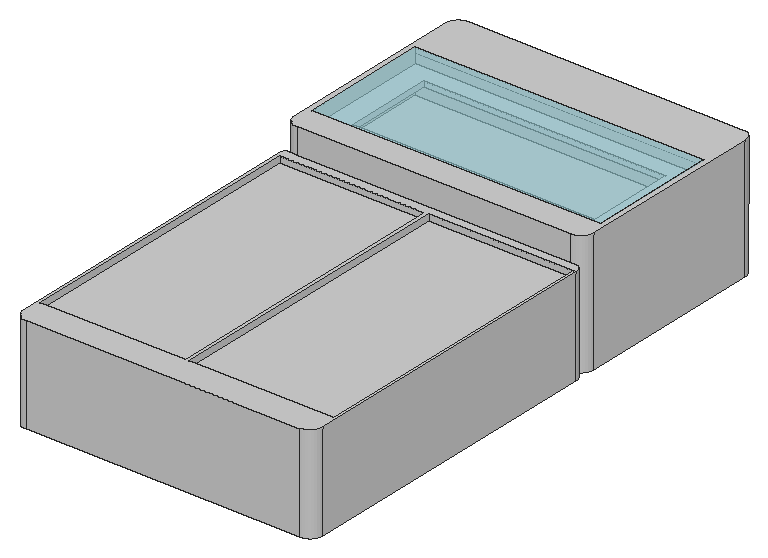
Revit family "Building-QuadriIEC309-GEWISS-68QDIN-QUADRI-PRESE-10MOD_2PRESE_IB_VERT", category Apparecchi elettrici, host Superficie, Revit 2019
Family settings
  Host = Superficie
  Mantenere orientamento annotazione = Sì
  Quota connettore circolare = Usa diametro
  Tipo di parte = Normale
  Taglio con vuoti quando caricato = No
  Condiviso = No
  Punto di calcolo locali = Sì
Parameters (values of type "GW68025N - Q-DIN 10M 2PR.BL.VR.16/32A IP65")
  visibilita posizionamento 2d [instance] = yes
  simbolo 2d [instance] = yes
  oggetto in pianta [instance] = not(visibilita posizionamento 2d)  # no
  distanza_simbolo [instance] = 0.1 mm
  dist_barra din = 18 mm
  bordo acceso [instance] = yes
  Visibilità sportello [instance] = yes
  Versione file RFA = "21.5"
  VETRO = Vetro
  URL = "https://www.gewiss.com/it/it"
  Tipologia di installazione = "Da parete"
  Tipo versione = "Vuoto"
  Termopressione con biglia = "70 °C"
  Temperatura di utilizzo = "-25 +40 °C"
  Temperatura di funzionamento = "-25 ÷ +40 °C"
  Spostamento_effettivo_S [instance] = 4000 mm - Spostamento_S  # 3000 mm
  Spostamento_S = 1000 mm
  Simbolo_quadro [instance] = not(simbolo 2d)  # no
  Scheda Tecnica = "https://www.gewiss.com/it/it/search?q=GW68025N"
  STRUTTURA ALTA = Poche
  STRUTTURA = RAL - 7035
  SEO = "Quadretto"
  Resistenza agli urti = "IK08"
  Default Elevation = 1219.2 mm
  Produttore = "GEWISS S.p.A."
  Potenza dissipabile B (W) = "42"
  Potenza dissipabile A (W) = "16"
  PRESA = rosso
  POMELLO = bianco
  N. prese alloggiabili = "2 IB Vert. 16-32 A IP67"
  N. prese IB alloggiabili: = "2 IB Vert. 16-32 A IP67"
  N. mod. EN 50022 = "10"
  N. flange in dotazione = "1 IB 16/32 A"
  N. coperchi ciechi in dotazione = "1 IB 16/32 A"
  N. IEC 309/IB alloggiabili = "2 IB Vert. 16-32 A IP67"
  Modello = "GW68025N"
  L_Moduli = 10 mm * 19  # 190 mm
  Immagine tipo = GW68025N.jpg
  IDT = "0e75038c-3d4e-49ed-b410-1e2ae7ccf8d5"
  IDF = "563ed12c-7a7e-45f2-b04b-6594f576971c"
  Grado di protezione = "IP65"
  Glow Wire Test = "650°C"
  Descrizione = "Q-DIN 10M 2PR.BL.VR.16/32A IP65"
  Creato da GEWISS S.p.A. = ""
  ConformitÃ  normativa = "EN 60208 - EN 60670-1 - IEC 60670-24"
  Colore = "Grigio RAL 7035"
  Codice Electrocod = "2242"
  Codice EAN = "8011564750456"
  Classe isolamento = "II"
  Catalogo Serie = "68 QDIN"
  Catalogo = "BUILDING"
  COBie.Tagnumber = ""
  COBie.CreatedOn = ""
  COBie.CreatebBy = ""
  COBie.ComponentRegisterItemID = ""
  COBie.Component.TagNumber = ""
  COBie.Component.Space = ""
  COBie.Component.SerialNumber = ""
  COBie.Component.InstallationDate = ""
  COBie.Component.Description = ""
  COBie.Component.BarCode = ""
Reference planes
  plane 1 "Centro (Fronte/Retro)": y = 0
  plane 2: z = 0
  plane 3 "Centro (Sinistra/Destra)": x = 0
  plane 4: x = -3000
  plane 5: x = 0
Forms (mm)
  Extrusion 1, solid, material "RAL - 7035" <- "STRUTTURA", detail levels coarse
    sketch origin (0, 0, 0) x (0, 1, 0) y (0, 0, 1)
      loop
        line (0, 96) -> (0, 0) -> (429, 0) -> (429, 96) -> (0, 96)
    from -117.5 to 117.5
Lines and regions (mm)
  Masking region 1, visible <- "visibilita posizionamento 2d"
    outline origin (0, 0, 0) x (1, 0, 0) y (0, 0, 1)
      loop
        line (-117.5, 0) -> (117.5, 0) -> (117.5, 96) -> (-117.5, 96) -> (-117.5, 0)
Dimensions and locks
  plane 4 to plane 3 "Centro (Sinistra/Destra)" = 3000 mm
  "Spostamento_effettivo_S": plane 4 to plane 5
  aligned and locked: plane 2 to host face
  aligned and locked: level to host face
  aligned and locked: nested 1 to plane 5
  aligned and locked: nested 3 to plane 5
  aligned and locked: Extrusion 1 sketch curve to nested 2
  aligned and locked: nested 2 to plane 5
  aligned and locked: Extrusion 1 to nested 2  (x2)
  aligned and locked: Masking region 1 to nested 2  (x2)
  aligned and locked: plane 1 "Centro (Fronte/Retro)" to nested 2
Automatic sketch dimensions
  host sketch curve to host sketch curve = 2438.4 mm  (x2)
  Extrusion 1 sketch curve to level = 0 mm
  Extrusion 1 sketch curve to plane 1 "Centro (Fronte/Retro)" = 0 mm
  Extrusion 1 sketch curve to plane 1 "Centro (Fronte/Retro)" = 429 mm
  Masking region 1 sketch curve to level = 0 mm
  Masking region 1 sketch curve to plane 3 "Centro (Sinistra/Destra)" = 117.5 mm
  plane 3 "Centro (Sinistra/Destra)" to Masking region 1 sketch curve = 117.5 mm
  Masking region 1 sketch curve to Masking region 1 sketch curve = 96 mm
Nested families
  nested 1: "CENTRALINO" at (0, 737.795, 0), BORDO ACCESO <- "bordo acceso", SIMBOLO ACCESO <- "simbolo 2d", Distanza dal muro <- "distanza_simbolo", visible <- "simbolo 2d", type "CENTRALINO"
    with SIMBOLO ACCESO yes, Distanza dal muro 0.1 mm, BORDO ACCESO yes
  nested 2: "bae_____68QDIN10 QUADRO DISTRIBUZ X 2 PRESE IND VERT" at (0, 266, 0), visible <- "Visibilità sportello", type "bae_____68QDIN10 QUADRO DISTRIBUZ X 2 PRESE IND VERT", detail levels medium+fine
  nested 3: "simb_CENTRALINO_BASE_cad pro" at (0, 737.795, 0), Distanza dal muro <- "distanza_simbolo", visible <- "Simbolo_quadro", SIMBOLO ACCESO <- "Simbolo_quadro", type "simb_CENTRALINO_BASE_cad pro"
    with SIMBOLO ACCESO no, Distanza dal muro 0.1 mm, BORDO ACCESO yes
Definition of nested family "bae_____68QDIN10 QUADRO DISTRIBUZ X 2 PRESE IND VERT"
  Parameters (values of type "bae_____68QDIN10 QUADRO DISTRIBUZ X 2 PRESE IND VERT")
    visibilita sportello [instance] = yes
    n_moduli = 105 mm
    h_moduli = 70 mm
    distanza_barra din = 18 mm
    Vetro = none
    Struttura = none
    Spessore = 96 mm
    Default Elevation = 14 mm
    Presa = none
    Larghezza = 235 mm
    IFC.TypeObject = ""
    IFC.ExportType = ""
    IFC.ExportAs = ""
    H_da terra = 589.057 mm
    COBie.CreatedOn = ""
    COBie.CreatebBy = ""
    COBie.ComponentRegisterItemID = ""
    COBie.Component.TagNumber = ""
    COBie.Component.Space = ""
    COBie.Component.SerialNumber = ""
    COBie.Component.InstallationDate = ""
    COBie.Component.Description = ""
    COBie.Component.BarCode = ""
    Altezza scatole = 350 mm
    Altezza quadro = 150 mm
    Altezza = 258 mm
  Reference planes
    plane 1 "Centro (Fronte/Retro)": y = 0
    plane 2: z = 0
    plane 3 "Centro (Sinistra/Destra)": x = 0
    plane 4: z = 62.089
    plane 5: z = 103.126
    plane 6: z = 76.196
    plane 7: x = -117.5
    plane 8: x = 117.5
    plane 9: x = -113.5
    plane 10: x = 113.5
    plane 11: y = 123.21
    plane 12: y = 21.246
    plane 13: y = 0
    plane 14: y = -242.621
    plane 15: y = -242.621
    plane 16: y = -7.3
    plane 17: y = -266
    plane 18: y = 168
    plane 19: z = 71.196
    plane 20: y = 109
    plane 21: y = 39
    plane 22: x = -52.5
    plane 23: x = 52.5
    plane 24: z = 92.059
    plane 25: z = 96
    plane 26 "posizionamento moduli": z = 84.734
    plane 27: z = 80.558
    plane 28: x = -115.4
    plane 29: x = 115.4
    plane 30: x = -1.3
    plane 31: x = 1.3
    plane 32 "centro per modulare": z = 80.089
  Forms (mm)
    Extrusion 1, solid, material <- "Struttura"
      sketch origin (0, -857.311, 0) x (1, 0, 0) y (0, 1, 0)
        loop
          arc (-107.5, 1025.311) -> (-114.571, 1022.382) -> (-117.5, 1015.311) r 10
          line (-117.5, 1015.311) -> (-117.5, 867.311)
          arc (-117.5, 867.311) -> (-114.571, 860.24) -> (-107.5, 857.311) r 10
          line (-107.5, 857.311) -> (107.5, 857.311)
          arc (107.5, 857.311) -> (114.571, 860.24) -> (117.5, 867.311) r 10
          line (117.5, 867.311) -> (117.5, 1015.311)
          arc (117.5, 1015.311) -> (114.571, 1022.382) -> (107.5, 1025.311) r 10
          line (107.5, 1025.311) -> (-107.5, 1025.311)
      from 0 to 96
    Extrusion 2, solid, material <- "Struttura"
      sketch origin (0, -857.311, 0) x (1, 0, 0) y (0, 1, 0)
        loop
          line (109.95, 857.311) -> (-113.88, 857.311)
          arc (-113.88, 857.311) -> (-116.44, 856.251) -> (-117.5, 853.691) r 3.62
          line (-117.5, 853.691) -> (-117.5, 601.311)
          arc (-117.5, 601.311) -> (-114.571, 594.24) -> (-107.5, 591.311) r 10
          line (-107.5, 591.311) -> (107.5, 591.311)
          arc (107.5, 591.311) -> (114.571, 594.24) -> (117.5, 601.311) r 10
          line (117.5, 601.311) -> (117.5, 849.76)
          arc (117.5, 849.76) -> (115.289, 855.099) -> (109.95, 857.311) r 7.55
      from 0 to 76.196
    Extrusion 3, void
      sketch origin (0, -857.311, 0) x (1, 0, 0) y (0, 1, 0)
        loop
          line (-113.5, 980.52) -> (-113.5, 878.557) -> (113.5, 878.557) -> (113.5, 980.52) -> (-113.5, 980.52)
      from 62.089 to 96
    Extrusion 4, solid, material <- "Vetro", visible <- "visibilita sportello", detail levels fine
      sketch origin (0, -857.311, 0) x (1, 0, 0) y (0, 1, 0)
        loop
          line (-113.5, 980.52) -> (-113.5, 878.557) -> (113.5, 878.557) -> (113.5, 980.52) -> (-113.5, 980.52)
      from 92.059 to 96
    Extrusion 5, void
      sketch origin (0, -857.311, 0) x (1, 0, 0) y (0, 1, 0)
        loop
          line (-115.4, 850.011) -> (-115.4, 614.689) -> (-1.3, 614.689) -> (-1.3, 850.011) -> (-115.4, 850.011)
      from 71.196 to 76.196
    Extrusion 6, void
      sketch origin (0, 0, 0) x (1, 0, 0) y (0, 1, 0)
        loop
          line (-52.5, 39) -> (52.5, 39) -> (52.5, 109) -> (-52.5, 109) -> (-52.5, 39)
      from 80.558 to 84.734
    Extrusion 7, solid
      sketch origin (0, 0, 0) x (1, 0, 0) y (0, 1, 0)
        loop
          line (-113.5, 123.21) -> (-113.5, 21.246) -> (113.5, 21.246) -> (113.5, 123.21) -> (-113.5, 123.21)
      from 80.558 to 84.734
    Extrusion 8, void
      sketch origin (0, -857.311, 0) x (-1, 0, 0) y (0, -1, 0)
        loop
          line (-115.4, -850.011) -> (-1.3, -850.011) -> (-1.3, -614.689) -> (-115.4, -614.689) -> (-115.4, -850.011)
      from 71.196 to 76.196
  Cuts and joins
    Extrusion 3 cuts Extrusion 1
    Extrusion 5, Extrusion 8 cuts Extrusion 2
    Extrusion 6 cuts Extrusion 7
    Extrusion 6 cuts Extrusion 4
  Lines and regions (mm)
    model lines
      curve 1: line (-52.5, 74, 80.089) -> (52.5, 74, 80.089)
  Dimensions and locks
    locked: plane 4 to plane 5 at 41.036
    locked: plane 7 to plane 9 at 4
    locked: plane 10 to plane 8 at 4
    equal spacing: plane 7, plane 3 "Centro (Sinistra/Destra)", plane 8
    "Larghezza": plane 7 to plane 8
    locked: plane 13 to plane 16 at 7.3
    plane 1 "Centro (Fronte/Retro)" to plane 18 = 168 mm
    plane 17 to plane 13 = 266 mm
    plane 12 to plane 1 "Centro (Fronte/Retro)" = 21.246 mm
    plane 11 to plane 18 = 44.79 mm
    locked: plane 6 to plane 19 at 5
    locked: plane 18 to plane 20 at 59
    "h_moduli": plane 20 to plane 21
    equal spacing: plane 22, plane 3 "Centro (Sinistra/Destra)", plane 23
    "n_moduli": plane 22 to plane 23
    locked: plane 25 to plane 24 at 3.941
    plane 6 to plane 2 = 76.196 mm
    locked: plane 24 to plane 26 "posizionamento moduli" at 7.325
    locked: plane 26 "posizionamento moduli" to plane 27 at 4.176
    plane 20 to plane 21 = 70 mm
    plane 16 to plane 15 = 235.321 mm
    plane 7 to plane 28 = 2.1 mm
    plane 29 to plane 8 = 2.1 mm
    locked: plane 30 to plane 3 "Centro (Sinistra/Destra)" at 1.3
    locked: plane 3 "Centro (Sinistra/Destra)" to plane 31 at 1.3
    "distanza_barra din": plane 32 "centro per modulare" to plane 4
    radius of Extrusion 2 sketch curve = 10 mm  (x2)
    radius of Extrusion 2 sketch curve = 3.62 mm
    radius of Extrusion 2 sketch curve = 7.55 mm
    radius of Extrusion 1 sketch curve = 10 mm  (x4)
    aligned and locked: level to plane 2
    aligned and locked: cut or joined group of Extrusion 1, Extrusion 3 to plane 4  (x2)
    aligned and locked: Extrusion 2 to plane 6
    aligned and locked: plane 7 to Extrusion 2 sketch curve
    aligned and locked: plane 8 to Extrusion 2 sketch curve
    aligned and locked: plane 8 to Extrusion 1 sketch curve
    aligned and locked: plane 7 to Extrusion 1 sketch curve
    aligned and locked: Extrusion 4 sketch curve to plane 9
    aligned and locked: Extrusion 4 sketch curve to plane 10
    aligned and locked: Extrusion 3 sketch curve to plane 9
    aligned and locked: Extrusion 3 sketch curve to plane 10
    aligned and locked: Extrusion 4 sketch curve to plane 11
    aligned and locked: plane 12 to Extrusion 4 sketch curve
    aligned and locked: Extrusion 3 sketch curve to plane 11
    aligned and locked: plane 12 to Extrusion 3 sketch curve
    aligned and locked: plane 13 to Extrusion 1 sketch curve
    aligned and locked: Extrusion 2 sketch curve to plane 13
    aligned and locked: plane 17 to Extrusion 2 sketch curve
    aligned and locked: plane 16 to Extrusion 5
    aligned and locked: plane 1 "Centro (Fronte/Retro)" to plane 13
    aligned and locked: plane 18 to Extrusion 1 sketch curve
    aligned and locked: Extrusion 5 to plane 19
    aligned and locked: Extrusion 5 to plane 6
    aligned and locked: Extrusion 6 sketch curve to plane 22
    aligned and locked: Extrusion 6 sketch curve to plane 20
    aligned and locked: Extrusion 6 sketch curve to plane 21
    aligned and locked: Extrusion 6 sketch curve to plane 23
    aligned and locked: plane 25 to cut or joined group of Extrusion 1, Extrusion 3
    aligned and locked: plane 26 "posizionamento moduli" to Extrusion 6
    aligned and locked: Extrusion 6 to plane 27
    aligned and locked: Extrusion 7 sketch curve to plane 11
    aligned and locked: Extrusion 7 sketch curve to plane 12
    aligned and locked: Extrusion 7 to plane 27
    aligned and locked: plane 26 "posizionamento moduli" to Extrusion 7
    aligned and locked: Extrusion 7 sketch curve to Extrusion 4  (x2)
    aligned and locked: Extrusion 5 sketch curve to plane 28
    aligned and locked: Extrusion 5 sketch curve to plane 30
    aligned and locked: Extrusion 5 sketch curve to plane 14
    aligned and locked: Extrusion 8 sketch curve to plane 29
    aligned and locked: Extrusion 8 sketch curve to plane 31
    aligned and locked: plane 16 to Extrusion 8 sketch curve
    aligned and locked: plane 15 to Extrusion 8 sketch curve
  Automatic sketch dimensions
    Extrusion 5 sketch curve to plane 16 = 0 mm
    curve 1 to plane 23 = 0 mm
    curve 1 to plane 22 = 0 mm
    curve 1 to plane 20 = 35 mm
Definition of nested family "CENTRALINO"
  Parameters (values of type "CENTRALINO")
    SIMBOLO ACCESO [instance] = yes
    Distanza dal muro [instance] = 0 mm
    BORDO ACCESO [instance] = yes
  Reference planes
    plane 1: y = 0
    plane 2: x = 0
  Dimensions and locks
    "Distanza dal muro": plane 1 to nested 1
    aligned and locked: plane 2 to nested 1
  Nested families
    nested 1: "CENTRALINO_BASE" at (0, 0, 0), BORDO ACCESO <- "BORDO ACCESO", visible <- "SIMBOLO ACCESO", type "CENTRALINO"
      with BORDO ACCESO yes
  Definition of nested family "CENTRALINO_BASE"
    Parameters (values of type "CENTRALINO")
      Distanza dal muro = 0 mm
      BORDO ACCESO [instance] = yes
    Reference planes
      plane 1: y = 0
      plane 2: x = 0
    Lines and regions (mm)
      detail lines, visible <- "BORDO ACCESO", not visible
        curve 1: line (-2.443, 10.208, 0) -> (2.057, 10.208, 0)
        curve 2: line (2.057, 10.208, 0) -> (2.057, 4.208, 0)
        curve 3: line (2.057, 4.208, 0) -> (-2.443, 4.208, 0)
        curve 4: line (-2.443, 4.208, 0) -> (-2.443, 10.208, 0)
        curve 5: line (-2.043, 9.808, 0) -> (1.657, 9.808, 0)
        curve 6: line (1.657, 9.808, 0) -> (1.657, 4.608, 0)
        curve 7: line (1.657, 4.608, 0) -> (-2.043, 4.608, 0)
        curve 8: line (-2.043, 4.608, 0) -> (-2.043, 9.808, 0)
      detail lines
        curve 9: line (0, 0.671, 0) -> (0, 0, 0)
        curve 10: line (0.659, 0.671, 0) -> (0.659, 1.33, 0)
        curve 11: line (0.659, 1.33, 0) -> (-0.659, 1.33, 0)
        curve 12: line (-0.659, 1.33, 0) -> (-0.659, 0.671, 0)
        curve 13: line (-0.659, 0.671, 0) -> (0.659, 0.671, 0)
        curve 14: line (0.497, 1.33, 0) -> (0.497, 2, 0)
        curve 15: line (0.167, 1.33, 0) -> (0.167, 2, 0)
        curve 16: line (-0.162, 1.33, 0) -> (-0.162, 2, 0)
        curve 17: line (-0.491, 1.33, 0) -> (-0.491, 2, 0)
Definition of nested family "simb_CENTRALINO_BASE_cad pro"
  Parameters (values of type "simb_CENTRALINO_BASE_cad pro")
    SIMBOLO ACCESO [instance] = yes
    Distanza dal muro [instance] = 0 mm
    BORDO ACCESO [instance] = yes
  Reference planes
    plane 1: y = 0
    plane 2: x = 0
  Dimensions and locks
    "Distanza dal muro": plane 1 to nested 1
    aligned and locked: plane 2 to nested 1
  Nested families
    nested 1: "CENTRALINO_BASE_cad pro" at (0, 0, 0), type "CENTRALINO"
  Definition of nested family "CENTRALINO_BASE_cad pro"
    Parameters (values of type "CENTRALINO")
      Distanza dal muro = 0 mm
    Reference planes
      plane 1: y = 0
      plane 2: x = 0
    Lines and regions (mm)
      detail lines
        curve 1: line (1.33, 1.33, 0) -> (2.109, 1.33, 0)
        curve 2: line (2.109, 1.33, 0) -> (2.109, 0, 0)
        curve 3: line (2.109, 0, 0) -> (1.33, 0, 0)
        curve 4: line (1.33, 0, 0) -> (-1.33, 1.33, 0)
        curve 5: line (-1.33, 1.33, 0) -> (1.33, 1.33, 0)
        curve 6: line (1.33, 1.33, 0) -> (1.33, 0, 0)
        curve 7: line (1.33, 0, 0) -> (-1.33, 0, 0)
        curve 8: line (-1.33, 0, 0) -> (-1.33, 1.33, 0)
        curve 9: line (1.461, 0.665, 0) -> (1.977, 0.665, 0)
        curve 10: line (1.719, 0.665, 0) -> (1.719, 1.01, 0)
        curve 11: arc (1.977, 0.406, 0) -> (1.719, 0.665, 0) -> (1.461, 0.406, 0) r 0.258
